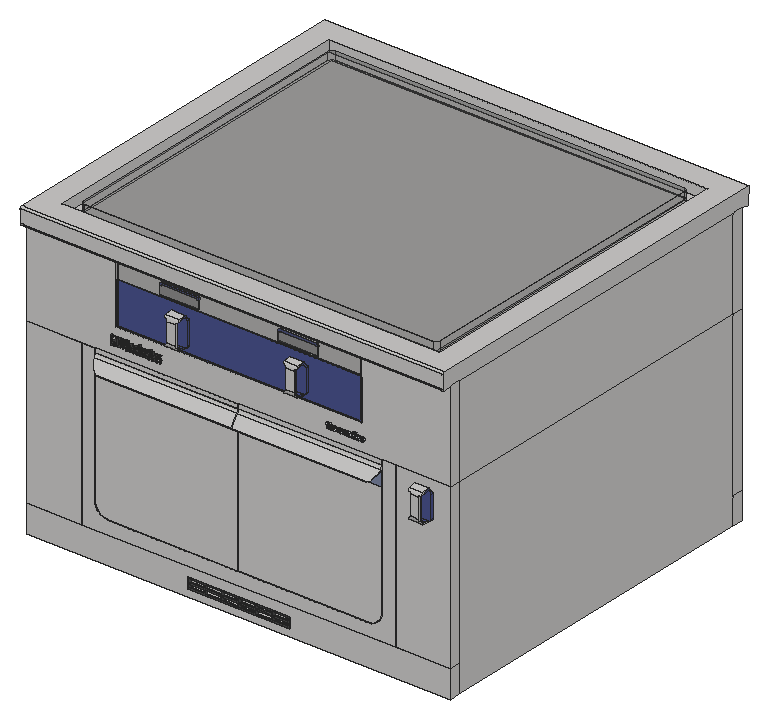
Revit family "QF_ELECTROLUXPROFESSIONAL_589673_MCIRECJ4AO", category Attrezzature speciali, Revit 2020 (continued)
Definition of nested family "Front_Panel_W1000_2 Knobs"
  Definition of nested family "ELX_Professional_Logo_Small"
    Forms (mm)
      Extrusion 2, solid, material <- "Material_Logo"
        sketch origin (15.5, 0, 0) x (1, 0, 0) y (0, 1, 0)
          loop
            spline (-14.951, 7.209) -> (-15.725, 7.161) -> (-16.467, 7.02) -> (-17.169, 6.792) -> (-17.826, 6.482) -> (-18.43, 6.096) -> (-18.976, 5.637) -> (-19.455, 5.112) -> (-19.862, 4.525) -> (-20.19, 3.882) -> (-20.433, 3.189) -> (-20.584, 2.449) -> (-20.635, 1.669)
            spline (-20.635, 1.669) -> (-20.584, 0.889) -> (-20.433, 0.149) -> (-20.19, -0.545) -> (-19.862, -1.187) -> (-19.455, -1.774) -> (-18.976, -2.299) -> (-18.43, -2.758) -> (-17.826, -3.145) -> (-17.169, -3.454) -> (-16.467, -3.682) -> (-15.725, -3.823) -> (-14.951, -3.871)
            spline (-14.951, -3.871) -> (-14.564, -3.86) -> (-14.184, -3.826) -> (-13.809, -3.77) -> (-13.44, -3.689) -> (-13.078, -3.583) -> (-12.723, -3.451) -> (-12.375, -3.292) -> (-12.035, -3.105) -> (-11.703, -2.89) -> (-11.38, -2.646) -> (-11.065, -2.371) -> (-10.76, -2.066)
            line (-10.76, -2.066) -> (-12.295, -0.468)
            spline (-12.295, -0.468) -> (-12.474, -0.643) -> (-12.659, -0.805) -> (-12.85, -0.953) -> (-13.048, -1.087) -> (-13.254, -1.206) -> (-13.467, -1.311) -> (-13.69, -1.4) -> (-13.921, -1.475) -> (-14.162, -1.533) -> (-14.414, -1.575) -> (-14.677, -1.6) -> (-14.951, -1.609)
            spline (-14.951, -1.609) -> (-15.398, -1.581) -> (-15.823, -1.497) -> (-16.223, -1.362) -> (-16.596, -1.179) -> (-16.937, -0.95) -> (-17.243, -0.678) -> (-17.512, -0.367) -> (-17.739, -0.02) -> (-17.921, 0.36) -> (-18.055, 0.771) -> (-18.138, 1.208) -> (-18.167, 1.669)
          loop
            spline (-4.441, -1.243) -> (-4.659, -1.247) -> (-4.894, -1.23) -> (-5.137, -1.19) -> (-5.384, -1.121) -> (-5.628, -1.021) -> (-5.864, -0.884) -> (-6.084, -0.708) -> (-6.283, -0.488) -> (-6.454, -0.219) -> (-6.592, 0.101) -> (-6.69, 0.478) -> (-6.742, 0.914)
            line (-6.742, 0.914) -> (-6.742, 4.587) -> (-4.487, 4.587) -> (-4.487, 6.838) -> (-6.738, 6.838) -> (-6.738, 10.824) -> (-9.217, 10.824) -> (-9.217, 0.773)
            spline (-9.217, 0.773) -> (-9.164, 0.19) -> (-9.068, -0.358) -> (-8.928, -0.87) -> (-8.742, -1.343) -> (-8.511, -1.777) -> (-8.232, -2.168) -> (-7.904, -2.515) -> (-7.527, -2.816) -> (-7.098, -3.069) -> (-6.618, -3.273) -> (-6.084, -3.426) -> (-5.496, -3.525)
            line (-5.496, -3.525) -> (-4.45, -3.573) -> (-4.441, -1.243)
          loop
            spline (3.898, 6.983) -> (3.469, 7.009) -> (3.056, 7.001) -> (2.661, 6.961) -> (2.283, 6.888) -> (1.925, 6.785) -> (1.588, 6.652) -> (1.272, 6.49) -> (0.979, 6.301) -> (0.71, 6.085) -> (0.465, 5.844) -> (0.247, 5.578) -> (0.056, 5.289)
            line (0.056, 5.289) -> (0.056, 6.838) -> (-2.402, 6.838) -> (-2.402, -3.572) -> (0.056, -3.572) -> (0.056, 1.901)
            spline (0.056, 1.901) -> (0.079, 2.316) -> (0.145, 2.703) -> (0.254, 3.06) -> (0.404, 3.386) -> (0.592, 3.679) -> (0.818, 3.938) -> (1.08, 4.162) -> (1.375, 4.348) -> (1.703, 4.495) -> (2.062, 4.602) -> (2.45, 4.668) -> (2.865, 4.69)
            line (2.865, 4.69) -> (3.898, 4.586) -> (3.898, 6.983)
          loop
            spline (15.638, 1.633) -> (15.586, 2.396) -> (15.435, 3.124) -> (15.192, 3.81) -> (14.863, 4.449) -> (14.455, 5.034) -> (13.975, 5.56) -> (13.43, 6.021) -> (12.826, 6.411) -> (12.17, 6.724) -> (11.469, 6.955) -> (10.729, 7.098) -> (9.958, 7.147)
            spline (9.958, 7.147) -> (9.182, 7.098) -> (8.44, 6.955) -> (7.737, 6.724) -> (7.081, 6.411) -> (6.477, 6.021) -> (5.933, 5.56) -> (5.454, 5.034) -> (5.048, 4.449) -> (4.721, 3.81) -> (4.479, 3.124) -> (4.329, 2.396) -> (4.277, 1.633)
            spline (4.277, 1.633) -> (4.329, 0.869) -> (4.479, 0.141) -> (4.721, -0.544) -> (5.048, -1.183) -> (5.454, -1.768) -> (5.933, -2.294) -> (6.477, -2.755) -> (7.081, -3.145) -> (7.737, -3.459) -> (8.44, -3.69) -> (9.182, -3.833) -> (9.958, -3.882)
            spline (9.958, -3.882) -> (10.729, -3.833) -> (11.469, -3.69) -> (12.17, -3.459) -> (12.826, -3.145) -> (13.43, -2.755) -> (13.975, -2.294) -> (14.455, -1.768) -> (14.863, -1.183) -> (15.192, -0.544) -> (15.435, 0.141) -> (15.586, 0.869) -> (15.638, 1.633)
          loop
            spline (13.18, 1.633) -> (13.151, 2.083) -> (13.067, 2.513) -> (12.932, 2.918) -> (12.748, 3.296) -> (12.52, 3.642) -> (12.251, 3.954) -> (11.943, 4.227) -> (11.601, 4.459) -> (11.228, 4.645) -> (10.828, 4.782) -> (10.403, 4.867) -> (9.958, 4.896)
            spline (9.958, 4.896) -> (9.509, 4.867) -> (9.081, 4.782) -> (8.679, 4.645) -> (8.306, 4.459) -> (7.964, 4.227) -> (7.658, 3.954) -> (7.39, 3.642) -> (7.163, 3.296) -> (6.981, 2.918) -> (6.847, 2.513) -> (6.765, 2.083) -> (6.736, 1.633)
            spline (6.736, 1.633) -> (6.765, 1.182) -> (6.847, 0.753) -> (6.981, 0.347) -> (7.163, -0.031) -> (7.39, -0.377) -> (7.658, -0.689) -> (7.964, -0.962) -> (8.306, -1.193) -> (8.679, -1.38) -> (9.081, -1.517) -> (9.509, -1.602) -> (9.958, -1.631)
            spline (9.958, -1.631) -> (10.403, -1.602) -> (10.828, -1.517) -> (11.228, -1.38) -> (11.601, -1.193) -> (11.943, -0.962) -> (12.251, -0.689) -> (12.52, -0.377) -> (12.748, -0.031) -> (12.932, 0.347) -> (13.067, 0.753) -> (13.151, 1.182) -> (13.18, 1.633)
          loop
            line (17.162, 4.269) -> (17.162, -3.573) -> (19.642, -3.573) -> (19.642, 10.824) -> (17.162, 10.824) -> (17.162, 4.269)
          loop
            line (28.581, 6.838) -> (28.581, 0.786)
            spline (28.581, 0.786) -> (28.561, 0.393) -> (28.503, 0.038) -> (28.409, -0.279) -> (28.281, -0.559) -> (28.122, -0.802) -> (27.933, -1.011) -> (27.717, -1.185) -> (27.476, -1.325) -> (27.213, -1.433) -> (26.929, -1.509) -> (26.626, -1.554) -> (26.308, -1.569)
            spline (26.308, -1.569) -> (25.99, -1.554) -> (25.688, -1.509) -> (25.404, -1.434) -> (25.141, -1.326) -> (24.9, -1.187) -> (24.684, -1.014) -> (24.496, -0.807) -> (24.336, -0.565) -> (24.209, -0.288) -> (24.115, 0.026) -> (24.057, 0.376) -> (24.037, 0.765)
            line (24.037, 0.765) -> (24.037, 6.838) -> (21.537, 6.838) -> (21.537, 0.558)
            spline (21.537, 0.558) -> (21.581, -0.153) -> (21.71, -0.8) -> (21.916, -1.384) -> (22.195, -1.904) -> (22.54, -2.362) -> (22.944, -2.757) -> (23.403, -3.09) -> (23.909, -3.362) -> (24.456, -3.572) -> (25.04, -3.722) -> (25.652, -3.811) -> (26.288, -3.841)
            spline (26.288, -3.841) -> (26.929, -3.811) -> (27.547, -3.72) -> (28.135, -3.568) -> (28.687, -3.355) -> (29.197, -3.079) -> (29.66, -2.741) -> (30.068, -2.341) -> (30.415, -1.877) -> (30.696, -1.349) -> (30.905, -0.757) -> (31.034, -0.101) -> (31.079, 0.621)
            line (31.079, 0.621) -> (31.079, 6.838) -> (28.581, 6.838)
          loop
            line (40.457, -0.243) -> (38.894, 1.942) -> (40.83, 4.579) -> (42.488, 6.837) -> (39.782, 6.837) -> (37.53, 3.719) -> (35.258, 6.837) -> (32.573, 6.837) -> (34.113, 4.731) -> (36.167, 1.922) -> (34.014, -1.076) -> (32.222, -3.573) -> (34.887, -3.573) -> (37.53, 0.104) -> (40.174, -3.573) -> (42.839, -3.573) -> (40.457, -0.243)
          loop
            line (-46.121, -5.837) -> (-48.039, -5.837) -> (-48.039, -10.814) -> (-47.016, -10.814) -> (-47.016, -9.128) -> (-46.121, -9.128)
            arc (-46.121, -9.128) -> (-44.476, -7.482) -> (-46.121, -5.837) r 1.645
          loop
            line (-46.163, -6.778) -> (-47.016, -6.778) -> (-47.016, -8.187) -> (-46.163, -8.187)
            arc (-46.163, -8.187) -> (-45.458, -7.482) -> (-46.163, -6.778) r 0.704
          loop
            line (-38.313, -5.837) -> (-40.265, -5.837) -> (-40.265, -10.814) -> (-39.241, -10.814) -> (-39.241, -9.1) -> (-38.46, -9.182) -> (-37.48, -10.814) -> (-36.318, -10.814) -> (-37.513, -8.848)
            arc (-37.513, -8.848) -> (-36.888, -8.266) -> (-36.671, -7.441) r 1.536
            arc (-36.671, -7.441) -> (-37.165, -6.305) -> (-38.313, -5.837) r 1.643
          loop
            arc (-38.402, -8.166) -> (-37.707, -7.505) -> (-38.334, -6.778) r 0.696
            line (-38.334, -6.778) -> (-39.241, -6.778) -> (-39.241, -8.166) -> (-38.402, -8.166)
          loop
            circle (-29.965, -8.325) r 2.585
          loop
            circle (-29.965, -8.325) r 1.64
          loop
            line (-23.1, -5.837) -> (-23.1, -10.814) -> (-22.076, -10.814) -> (-22.076, -8.768) -> (-20.204, -8.768) -> (-20.204, -7.828) -> (-22.076, -7.828) -> (-22.076, -6.778) -> (-20.024, -6.778) -> (-20.024, -5.837) -> (-23.1, -5.837)
          loop
            line (-15.802, -5.837) -> (-15.802, -9.2)
            arc (-15.802, -9.2) -> (-15.343, -10.34) -> (-14.209, -10.814) r 1.593
            line (-14.209, -10.814) -> (-12.602, -10.814) -> (-12.602, -10.027) -> (-14.004, -10.027)
            arc (-14.004, -10.027) -> (-14.552, -9.8) -> (-14.779, -9.252) r 0.775
            line (-14.779, -9.252) -> (-14.779, -8.424) -> (-12.789, -8.424) -> (-12.789, -7.642) -> (-14.779, -7.642) -> (-14.779, -6.778) -> (-12.651, -6.778) -> (-12.651, -5.837) -> (-15.802, -5.837)
          loop
            line (-5.909, -7.143) -> (-5.173, -6.638)
            arc (-5.173, -6.638) -> (-5.855, -5.974) -> (-6.781, -5.755) r 1.782
            arc (-6.781, -5.755) -> (-7.397, -5.878) -> (-7.944, -6.189) r 1.974
            arc (-7.944, -6.189) -> (-8.202, -6.5) -> (-8.317, -6.888) r 1.013
            arc (-8.317, -6.888) -> (-8.306, -7.341) -> (-8.192, -7.78) r 1.985
            arc (-8.192, -7.78) -> (-7.749, -8.259) -> (-7.171, -8.563) r 1.928
            arc (-7.171, -8.563) -> (-6.637, -8.779) -> (-6.131, -9.056) r 5.041
            arc (-6.131, -9.056) -> (-5.934, -9.387) -> (-6.09, -9.74) r 0.42
            arc (-6.09, -9.74) -> (-6.631, -9.96) -> (-7.204, -9.845) r 1.016
            arc (-7.204, -9.845) -> (-7.625, -9.603) -> (-7.889, -9.196) r 1.033
            line (-7.889, -9.196) -> (-8.67, -9.686)
            arc (-8.67, -9.686) -> (-8.361, -10.198) -> (-7.908, -10.589) r 1.914
            arc (-7.908, -10.589) -> (-7.334, -10.834) -> (-6.714, -10.896) r 2.063
            arc (-6.714, -10.896) -> (-5.947, -10.743) -> (-5.256, -10.376) r 2.696
            arc (-5.256, -10.376) -> (-4.95, -9.565) -> (-5.108, -8.712) r 1.618
            arc (-5.108, -8.712) -> (-5.448, -8.319) -> (-5.884, -8.035) r 1.876
            arc (-5.884, -8.035) -> (-6.434, -7.789) -> (-6.999, -7.577) r 9.883
            arc (-6.999, -7.577) -> (-7.325, -7.07) -> (-6.854, -6.694) r 0.45
            arc (-6.854, -6.694) -> (-6.329, -6.809) -> (-5.909, -7.143) r 1.197
          loop
            line (1.61, -7.143) -> (2.345, -6.638)
            arc (2.345, -6.638) -> (1.663, -5.974) -> (0.737, -5.755) r 1.782
            arc (0.737, -5.755) -> (0.121, -5.878) -> (-0.425, -6.189) r 1.974
            arc (-0.425, -6.189) -> (-0.683, -6.5) -> (-0.799, -6.888) r 1.013
            arc (-0.799, -6.888) -> (-0.788, -7.341) -> (-0.674, -7.78) r 1.985
            arc (-0.674, -7.78) -> (-0.231, -8.259) -> (0.347, -8.563) r 1.928
            arc (0.347, -8.563) -> (0.881, -8.779) -> (1.387, -9.056) r 5.041
            arc (1.387, -9.056) -> (1.584, -9.387) -> (1.428, -9.74) r 0.42
            arc (1.428, -9.74) -> (0.887, -9.96) -> (0.314, -9.845) r 1.016
            arc (0.314, -9.845) -> (-0.107, -9.603) -> (-0.371, -9.196) r 1.033
            line (-0.371, -9.196) -> (-1.152, -9.686)
            arc (-1.152, -9.686) -> (-0.842, -10.198) -> (-0.39, -10.589) r 1.914
            arc (-0.39, -10.589) -> (0.184, -10.834) -> (0.804, -10.896) r 2.063
            arc (0.804, -10.896) -> (1.572, -10.743) -> (2.263, -10.376) r 2.696
            arc (2.263, -10.376) -> (2.568, -9.565) -> (2.411, -8.712) r 1.618
            arc (2.411, -8.712) -> (2.07, -8.319) -> (1.635, -8.035) r 1.876
            arc (1.635, -8.035) -> (1.084, -7.789) -> (0.519, -7.577) r 9.883
            arc (0.519, -7.577) -> (0.193, -7.07) -> (0.665, -6.694) r 0.45
            arc (0.665, -6.694) -> (1.189, -6.809) -> (1.61, -7.143) r 1.197
          loop
            line (6.801, -5.837) -> (6.801, -10.814) -> (7.825, -10.814) -> (7.825, -5.837) -> (6.801, -5.837)
          loop
            circle (14.724, -8.325) r 1.548
          loop
            circle (14.724, -8.325) r 2.585
          loop
            line (21.59, -10.814) -> (22.623, -10.814) -> (22.623, -7.685) -> (24.9, -10.814) -> (25.895, -10.814) -> (25.895, -5.837) -> (24.861, -5.837) -> (24.861, -9.061) -> (22.585, -5.837) -> (21.59, -5.837) -> (21.59, -10.814)
          loop
            line (31.054, -10.814) -> (31.539, -9.74) -> (33.38, -9.74) -> (33.865, -10.814) -> (34.965, -10.814) -> (32.46, -5.837) -> (29.956, -10.814) -> (31.054, -10.814)
          loop
            line (32.46, -7.698) -> (31.999, -8.719) -> (32.921, -8.719) -> (32.46, -7.698)
          loop
            line (40.047, -9.873) -> (40.047, -5.837) -> (39.024, -5.837) -> (39.024, -10.814) -> (41.961, -10.814) -> (41.961, -9.873) -> (40.047, -9.873)
          loop
            line (-74.986, -10.814) -> (-53.322, -10.814) -> (-53.322, 10.82) -> (-74.986, 10.82) -> (-74.986, -10.814)
          loop
            line (-61.261, 9.758) -> (-61.261, -9.707)
            arc (-61.261, -9.707) -> (-54.066, 0.025) -> (-61.261, 9.758) r 10.18
          loop
            line (-62.251, 8.349) -> (-62.251, 9.758)
            arc (-62.251, 9.758) -> (-70.347, 7.918) -> (-74.247, 0.59) r 9.976
            line (-74.247, 0.59) -> (-71.026, 0.59)
            arc (-71.026, 0.59) -> (-65.274, 2.925) -> (-62.251, 8.349) r 9.351
          loop
            arc (-74.247, -0.539) -> (-70.353, -7.928) -> (-62.251, -9.957) r 10.237
            line (-62.251, -9.957) -> (-62.251, -8.298)
            arc (-62.251, -8.298) -> (-65.274, -2.874) -> (-71.026, -0.539) r 9.351
            line (-71.026, -0.539) -> (-74.247, -0.539)
        from 0 to 1.644
    Dimensions and locks
      aligned and locked: plane 2 to Extrusion 1
      aligned and locked: level to Extrusion 1
Definition of nested family "H450H2W1000_2DOOR"
  Parameters
    Width [instance] = 680 mm
    Wdoor [instance] = Width / 2  # 340 mm
    Show Clearance [instance] = yes
    Model = "727995"
    Height = 450 mm
    Default Elevation = 0 mm
  Reference planes
    plane 1 "Center (Front/Back)": y = 0
    plane 2: z = 0
    plane 3 "Center (Left/Right)": x = 36.042
    plane 4 "panel": z = 25
    plane 5: x = -303.958
    plane 6: x = 376.042
    plane 7: y = 450
    plane 8: z = 340
    plane 9: z = 45
  Forms (mm)
    Extrusion 1, solid
      sketch origin (0, -919.2, 0) x (1, 0, 0) y (0, 1, 0)
        loop
          line (-980.5, 2119.2) -> (-980.5, -162.846) -> (881.94, -162.846) -> (881.94, 2119.2) -> (-980.5, 2119.2)
      from 0 to -59.546
    Extrusion 2, solid
      sketch origin (0, 0, 0) x (1, 0, 0) y (0, 1, 0)
        loop
          line (374.042, 393) -> (37.042, 393) -> (37.042, 97) -> (344.042, 97)
          arc (344.042, 97) -> (365.255, 105.787) -> (374.042, 127) r 30
          line (374.042, 127) -> (374.042, 393)
        loop
          arc (-301.958, 127) -> (-293.171, 105.787) -> (-271.958, 97) r 30
          line (-271.958, 97) -> (35.042, 97) -> (35.042, 393) -> (-301.958, 393) -> (-301.958, 127)
      from 0 to 25
    Extrusion 3, solid
      sketch origin (0, 0, 0) x (1, 0, 0) y (0, 1, 0)
        loop
          line (-301.958, 393) -> (35.042, 393) -> (35.042, 440) -> (-301.958, 440) -> (-301.958, 393)
        loop
          line (37.042, 440) -> (37.042, 393) -> (374.042, 393) -> (374.042, 440) -> (37.042, 440)
      from 0 to 25
    Extrusion 4, solid
      sketch origin (5.581, 79.805, 0) x (1, 0, 0) y (0, 1, 0)
        loop
          line (-307.539, 360.195) -> (29.461, 360.195) -> (29.461, 370.195) -> (-307.539, 370.195) -> (-307.539, 360.195)
        loop
          line (31.461, 370.195) -> (31.461, 360.195) -> (368.461, 360.195) -> (368.461, 370.195) -> (31.461, 370.195)
      from 0 to 25
    Extrusion 5, solid
      sketch origin (36.042, 0, 0) x (0, 1, 0) y (0, 0, 1)
        loop
          line (426.693, 25) -> (440.02, 25)
          arc (440.02, 25) -> (435.261, 25.775) -> (430.993, 28.02) r 15
          line (430.993, 28.02) -> (406.653, 46.362) -> (403.644, 42.369) -> (426.693, 25)
      from 1 to 338
    Extrusion 6, solid
      sketch origin (36.042, 0, 0) x (0, 1, 0) y (0, 0, 1)
        loop
          line (426.693, 25) -> (440.02, 25)
          arc (440.02, 25) -> (435.261, 25.775) -> (430.993, 28.02) r 15
          line (430.993, 28.02) -> (406.653, 46.362) -> (403.644, 42.369) -> (426.693, 25)
      from -338 to -1
    Extrusion 7, void
      sketch origin (0, 0, 0) x (1, 0, 0) y (0, 1, 0)
        loop
          arc (374.042, 426.693) -> (364.508, 412.772) -> (350.317, 403.644) r 42.603
          line (350.317, 403.644) -> (374.042, 403.644) -> (374.042, 426.693)
      from 0 to 47.9
    Extrusion 8, void
      sketch origin (72.084, 0, 0) x (-1, 0, 0) y (0, -1, 0)
        loop
          line (374.042, -426.693) -> (374.042, -403.644) -> (350.317, -403.644)
          arc (350.317, -403.644) -> (364.508, -412.772) -> (374.042, -426.693) r 42.603
      from 0 to 47.9
    Extrusion 9, solid, detail levels coarse
      sketch origin (0, 0, 0) x (1, 0, 0) y (0, 0, 1)
        loop
          arc (36.231, 25) -> (-56.085, 247.873) -> (-278.958, 340.189) r 315.189
          line (-278.958, 340.189) -> (-278.958, 25) -> (36.231, 25)
      from -450 to -97
    Extrusion 10, solid, detail levels coarse
      sketch origin (0, 0, 0) x (1, 0, 0) y (0, 0, 1)
        loop
          arc (351.042, 340) -> (128.303, 247.739) -> (36.042, 25) r 315
          line (36.042, 25) -> (351.042, 25) -> (351.042, 340)
      from -450 to -97
  Cuts and joins
    Extrusion 8 cuts Extrusion 6
    Extrusion 7 cuts Extrusion 5
  Lines and regions (mm)
    symbolic lines
      curve 1: line (376.042, 0, 45) -> (376.042, 0, 340)
      curve 2: line (351.042, 0, 45) -> (351.042, 0, 340)
      curve 3: line (376.042, 0, 340) -> (351.042, 0, 340)
      curve 4: line (-303.958, 0, 45) -> (-303.958, 0, 340)
      curve 5: line (-278.958, 0, 45) -> (-278.958, 0, 340)
      curve 6: line (-303.958, 0, 340) -> (-278.958, 0, 340)
      curve 7: arc (351.042, 0, 340) -> (135.522, 0, 254.731) -> (36.683, 0, 45.088) r 315
      curve 8: arc (35.407, 0, 44.997) -> (-63.405, 0, 254.7) -> (-278.958, 0, 340) r 315
  Dimensions and locks
    plane 4 "panel" to level = 25 mm
    "Width": plane 5 to plane 6
    equal spacing: plane 5, plane 3 "Center (Left/Right)", plane 6
    "Height": plane 1 "Center (Front/Back)" to plane 7
    locked: plane 5 to Extrusion 2 sketch curve at 2
    locked: Extrusion 2 sketch curve to plane 6 at 2
    locked: plane 1 "Center (Front/Back)" to Extrusion 2 sketch curve at 97
    locked: plane 7 to Extrusion 2 sketch curve at 57
    locked: Extrusion 2 sketch curve to plane 3 "Center (Left/Right)" at 1
    locked: plane 3 "Center (Left/Right)" to Extrusion 2 sketch curve at 1
    Extrusion 3 sketch curve to Extrusion 2 = 47 mm
    "Wdoor": plane 8 to level
    locked: curve 2 to curve 1 at 25
    locked: curve 5 to curve 4 at 25
    plane 4 "panel" to plane 9 = 20 mm
    aligned and locked: plane 2 to Extrusion 1
    aligned and locked: level to Extrusion 1
    aligned and locked: plane 4 "panel" to Extrusion 2
    aligned and locked: Extrusion 2 to Extrusion 3 sketch curve
    aligned and locked: Extrusion 3 sketch curve to Extrusion 2  (x2)
    aligned and locked: Extrusion 3 sketch curve to Extrusion 3 sketch curve
    aligned and locked: plane 4 "panel" to Extrusion 3
    aligned and locked: Extrusion 4 sketch curve to Extrusion 4 sketch curve
    aligned and locked: Extrusion 4 sketch curve to Extrusion 3  (x3)
    aligned and locked: Extrusion 3 to Extrusion 4 sketch curve
    aligned and locked: Extrusion 4 sketch curve to plane 7
    aligned and locked: Extrusion 3 to Extrusion 5
    aligned and locked: Extrusion 5 to Extrusion 3
    aligned and locked: Extrusion 6 to Extrusion 3
    aligned and locked: Extrusion 3 to Extrusion 6
    aligned and locked: Extrusion 7 sketch curve to Extrusion 5
    aligned and locked: Extrusion 8 to Extrusion 6
    aligned and locked: Extrusion 4 to Extrusion 8
    aligned and locked: Extrusion 2 to Extrusion 7
    aligned and locked: Extrusion 7 to Extrusion 5
    aligned and locked: Extrusion 4 to Extrusion 3  (x2)
    aligned and locked: Extrusion 3 to Extrusion 2
    aligned and locked: Extrusion 4 to Extrusion 2
    aligned and locked: curve 3 to plane 8
    aligned and locked: curve 1 to plane 6
    aligned and locked: curve 4 to plane 5
    aligned and locked: Extrusion 9 sketch curve to plane 4 "panel"
    aligned and locked: Extrusion 10 sketch curve to curve 7
    aligned and locked: Extrusion 10 sketch curve to curve 2
    aligned and locked: Extrusion 2 to Extrusion 9
    aligned and locked: Extrusion 2 to Extrusion 10
    aligned and locked: plane 7 to Extrusion 9
    aligned and locked: Extrusion 3 to Extrusion 4
  Automatic sketch dimensions
    Extrusion 1 sketch curve to Extrusion 1 sketch curve = 1862.44 mm
    Extrusion 1 sketch curve to Extrusion 1 sketch curve = 2282.046 mm
    Extrusion 2 sketch curve to Extrusion 2 sketch curve = 30 mm  (x2)
    Extrusion 2 sketch curve to plane 1 "Center (Front/Back)" = 97 mm
    Extrusion 2 sketch curve to Extrusion 2 sketch curve = 0 mm
    Extrusion 3 sketch curve to plane 3 "Center (Left/Right)" = 1 mm
    plane 5 to Extrusion 3 sketch curve = 2 mm
    Extrusion 3 sketch curve to Extrusion 3 sketch curve = 0 mm
    Extrusion 5 sketch curve to plane 4 "panel" = 0 mm
    plane 4 "panel" to Extrusion 5 sketch curve = 17.369 mm
    Extrusion 5 sketch curve to plane 7 = 46.356 mm
    plane 4 "panel" to Extrusion 5 sketch curve = 21.362 mm
    Extrusion 5 sketch curve to Extrusion 5 sketch curve = 3.009 mm
    plane 4 "panel" to Extrusion 5 sketch curve = 3.02 mm
    Extrusion 5 sketch curve to Extrusion 5 sketch curve = 9.027 mm
    Extrusion 6 sketch curve to plane 4 "panel" = 0 mm
    plane 4 "panel" to Extrusion 6 sketch curve = 17.369 mm
    Extrusion 6 sketch curve to plane 7 = 46.356 mm
    plane 4 "panel" to Extrusion 6 sketch curve = 21.362 mm
    Extrusion 6 sketch curve to Extrusion 6 sketch curve = 3.009 mm
    plane 4 "panel" to Extrusion 6 sketch curve = 3.02 mm
    Extrusion 6 sketch curve to Extrusion 6 sketch curve = 9.027 mm
    Extrusion 7 sketch curve to Extrusion 7 sketch curve = 23.725 mm
    Extrusion 7 sketch curve to plane 7 = 6.671 mm
    Extrusion 7 sketch curve to plane 6 = 41.221 mm
    Extrusion 7 sketch curve to plane 7 = 23.307 mm
    plane 7 to Extrusion 8 sketch curve = 6.671 mm
    Extrusion 8 sketch curve to plane 5 = 41.221 mm
    Extrusion 8 sketch curve to plane 5 = 25.725 mm
    Extrusion 8 sketch curve to plane 5 = 2 mm
    plane 7 to Extrusion 8 sketch curve = 23.307 mm
    Extrusion 4 sketch curve to Extrusion 4 sketch curve = 10 mm
    Extrusion 4 sketch curve to plane 7 = 10 mm
    curve 2 to plane 9 = 0 mm
    curve 5 to plane 9 = 0 mm
    curve 4 to plane 9 = 0 mm
    curve 1 to plane 9 = 0 mm
    curve 8 to plane 4 "panel" = 0 mm
    curve 5 to plane 8 = 0 mm
    curve 8 to plane 9 = 0.003 mm
    curve 7 to plane 4 "panel" = 0 mm
    plane 9 to curve 7 = 0.088 mm
    plane 5 to Extrusion 9 sketch curve = 25 mm
    plane 3 "Center (Left/Right)" to Extrusion 9 sketch curve = 0.189 mm
Definition of nested family "Warm"
  Reference planes
    plane 1 "Center (Front/Back)": y = 0
    plane 2: z = 0
    plane 3 "Center (Left/Right)": x = 0
  Lines and regions (mm)
    detail lines, in view "Ref. Level"
      curve 1: circle (-165.742, 180.331, 0) r 45 normal (0, 0, 1)
      curve 2: line (-165.742, 125.331, 0) -> (-165.742, 80.331, 0)
      curve 3: line (-165.742, 235.331, 0) -> (-165.742, 280.331, 0)
      curve 4: line (-105.742, 180.331, 0) -> (-65.742, 180.331, 0)
      curve 5: line (-220.742, 180.331, 0) -> (-265.742, 180.331, 0)
      curve 6: line (-126.851, 141.44, 0) -> (-95.031, 109.62, 0)
      curve 7: line (-204.632, 219.221, 0) -> (-236.452, 251.041, 0)
      curve 8: line (-126.851, 219.221, 0) -> (-95.031, 251.041, 0)
      curve 9: line (-204.632, 141.44, 0) -> (-236.452, 109.62, 0)
